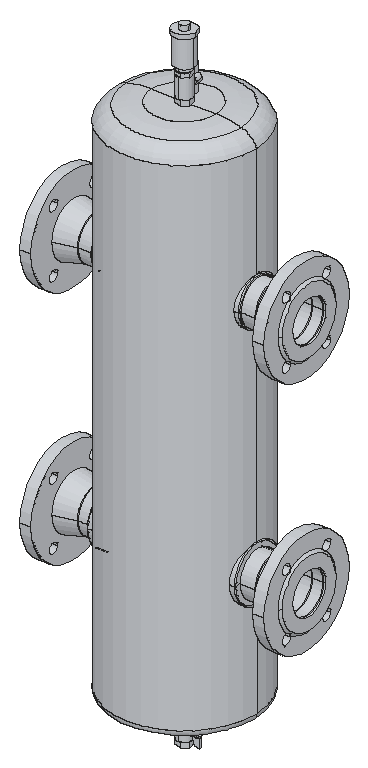
Revit family "Magnetic Dirt-Separator - R146IY108", category Plumbing Fixtures, Revit 2015
Reference planes
  plane 1 "Center (Front/Back)": y = 0
  plane 2: z = 0
  plane 3 "Center (Left/Right)": x = 0
  plane 4: y = 27.082
  plane 5: y = -27.082
  plane 6: y = 27.082
  plane 7: y = -27.082
  plane 8: y = 27.082
  plane 9: y = -27.082
  plane 10: y = 27.082
  plane 11: y = -27.082
  plane 12: y = 27.082
  plane 13: y = -27.082
  plane 14: y = 27.082
  plane 15: y = -27.082
  plane 16: z = 1164
  plane 17: z = 762
  plane 18: z = 322
  plane 19: x = 225
  plane 20: x = -225
  plane 21: x = -130
  plane 22: x = 130
Forms (mm)
  Revolve 1, solid
    sketch origin (0, 0, 3) x (1, 0, 0) y (0, 0, 1)
      loop
        line (-130, 1003.487) -> (-130, 90.761)
        arc (-130, 90.761) -> (-129.21, 86.246) -> (-126.935, 82.267) r 13.306
        arc (-126.935, 82.267) -> (-91.697, 65.042) -> (-53.023, 58.503) r 137.074
        line (-53.023, 58.503) -> (0, 58.503) -> (0, 1034.478) -> (-58.092, 1034.478)
        arc (-58.092, 1034.478) -> (-80.817, 1032.813) -> (-103.188, 1028.489) r 193.539
        arc (-103.188, 1028.489) -> (-119.791, 1019.415) -> (-130, 1003.487) r 38.188
      axis (0, 1034.478) -> (0, 58.503)
    angle from 0 to 360
  Extrusion 2, solid
    sketch origin (-37.5, 0, -1.263) x (0, 1, 0) y (0, 0, -1)
      loop
        circle (0, -323.263) r 40
    from -197.5 to 122.5
  Extrusion 3, solid
    sketch origin (0, 0, 37.792) x (0, -1, 0) y (1, 0, 0)
      loop
        line (-9.899, 9.899) -> (-13.523, -3.623) -> (-3.623, -13.523) -> (9.899, -9.899) -> (13.523, 3.623) -> (3.623, 13.523) -> (-9.899, 9.899)
    from 7.343 to 14.343
  Extrusion 4, solid
    sketch origin (0, 0, 53.87) x (0, -1, 0) y (1, 0, 0)
      loop
        circle (0, 0) r 12
    from -1.736 to 1.264
  Extrusion 5, solid
    sketch origin (0, 0, 49.331) x (0, -1, 0) y (1, 0, 0)
      loop
        circle (0, 0) r 13
    from 5.803 to 12.803
  Revolve 6, solid
    sketch origin (16.384, 0, 28.102) x (1, 0, 0) y (0, 1, 0)
      loop
        line (0.632, -8.291) -> (12.097, -8.291) -> (12.563, -7.291) -> (6.89, -7.291) -> (6.89, -2.2) -> (10.212, -2.2) -> (10.212, 0) -> (-27.115, 0) -> (-27.115, -7) -> (0.632, -7) -> (0.632, -8.291)
      axis (-27.115, 0) -> (12.563, 0)
    angle from 0 to 360
  Extrusion 7, solid
    sketch origin (0, -1, -5.625) x (-1, 0, 0) y (0, 0, 1)
      loop
        line (-17.015, 41.903) -> (-17.015, 47.933) -> (-19.099, 58.652) -> (-28.947, 58.652) -> (-28.947, 42.73) -> (-28.47, 41.903) -> (-17.015, 41.903)
      loop
        line (-19.099, 8.802) -> (-17.015, 19.522) -> (-17.015, 25.572) -> (-28.458, 25.572) -> (-28.947, 24.724) -> (-28.947, 8.802) -> (-19.099, 8.802)
    from 0 to 2
  SweptBlend 8, solid
    path origin (60, 0, -25) x (1, 0, 0) y (0, 0, 1)
      loop
        line (140, 347) -> (100, 347)
    profile origin (200, 0, 322) x (0, 0, -1) y (0, -1, 0)
      loop
        circle (0, 0) r 50
    end profile origin (160, 0, 322) x (0, 0, -1) y (0, -1, 0)
      loop
        circle (0, 0) r 40
  Extrusion 9, solid
    sketch origin (-122.5, 0, -1.263) x (0, 1, 0) y (0, 0, 1)
      loop
        circle (0, 323.263) r 95
    from -97.5 to -77.5
  SweptBlend 10, solid
    path origin (-60, 0, -25) x (-1, 0, 0) y (0, 0, -1)
      loop
        line (140, -347) -> (100, -347)
    profile origin (-200, 0, 322) x (0, 0, 1) y (0, -1, 0)
      loop
        circle (0, 0) r 50
    end profile origin (-160, 0, 322) x (0, 0, 1) y (0, -1, 0)
      loop
        circle (0, 0) r 40
  SweptBlend 11, solid
    path origin (-352.5, 0, -25) x (1, 0, 0) y (0, 0, 1)
      loop
        line (132.5, 347) -> (127.5, 347)
    profile origin (-220, 0, 322) x (0, 0, -1) y (0, -1, 0)
      loop
        circle (0, 0) r 65
    end profile origin (-225, 0, 322) x (0, 0, -1) y (0, -1, 0)
      loop
        circle (0, 0) r 60
  Extrusion 12, solid
    sketch origin (0, 0, -7.343) x (0, -1, 0) y (1, 0, 0)
      loop
        line (-9.899, 9.899) -> (-13.523, -3.623) -> (-3.623, -13.523) -> (9.899, -9.899) -> (13.523, 3.623) -> (3.623, 13.523) -> (-9.899, 9.899)
    from 7.343 to 17.343
  Extrusion 13, solid
    sketch origin (0, 0, 36.27) x (0, -1, 0) y (1, 0, 0)
      loop
        circle (0, 0) r 13
    from -26.27 to 8.865
  Extrusion 14, solid
    sketch origin (122.5, 0, -1.263) x (0, 1, 0) y (0, 0, -1)
      loop
        circle (0, -323.263) r 95
    from -97.5 to -77.5
  SweptBlend 15, solid
    path origin (352.5, 0, -25) x (-1, 0, 0) y (0, 0, -1)
      loop
        line (132.5, -347) -> (127.5, -347)
    profile origin (220, 0, 322) x (0, 0, 1) y (0, -1, 0)
      loop
        circle (0, 0) r 65
    end profile origin (225, 0, 322) x (0, 0, 1) y (0, -1, 0)
      loop
        circle (0, 0) r 60
  Extrusion 16, void
    sketch origin (60, 0, -25) x (0, 1, 0) y (0, 0, 1)
      loop
        circle (-45.307, 403.596) r 10
    from 134.322 to 170
  Extrusion 17, void
    sketch origin (60, 90.614, -25) x (0, 1, 0) y (0, 0, 1)
      loop
        circle (-45.307, 403.596) r 10
    from 134.322 to 170
  Extrusion 18, void
    sketch origin (60, 90.614, -138.193) x (0, 1, 0) y (0, 0, 1)
      loop
        circle (-45.307, 403.596) r 10
    from 134.322 to 170
  Extrusion 19, void
    sketch origin (60, 0, -138.193) x (0, 1, 0) y (0, 0, 1)
      loop
        circle (-45.307, 403.596) r 10
    from 134.322 to 170
  Extrusion 20, void
    sketch origin (-360, 90.614, -25) x (0, 1, 0) y (0, 0, 1)
      loop
        circle (-45.307, 403.596) r 10
    from 127.052 to 170
  Extrusion 21, void
    sketch origin (-360, 90.614, -138.193) x (0, 1, 0) y (0, 0, 1)
      loop
        circle (-45.307, 403.596) r 10
    from 129.816 to 170
  Extrusion 22, void
    sketch origin (-360, 0, -138.193) x (0, 1, 0) y (0, 0, 1)
      loop
        circle (-45.307, 403.596) r 10
    from 129.816 to 170
  Extrusion 23, void
    sketch origin (-360, 0, -25) x (0, 1, 0) y (0, 0, 1)
      loop
        circle (-45.307, 403.596) r 10
    from 129.816 to 170
  Revolve 24, solid
    sketch origin (0, 0, 322) x (1, 0, 0) y (0, 1, 0)
      loop
        line (-134.586, 40.471) -> (132.533, 40.471) -> (132.533, 48.822)
        arc (132.533, 48.822) -> (132.096, 49.878) -> (131.04, 50.315) r 1.492
        line (131.04, 50.315) -> (-133.094, 50.315)
        arc (-133.094, 50.315) -> (-134.149, 49.878) -> (-134.586, 48.822) r 1.492
        line (-134.586, 48.822) -> (-134.586, 40.471)
      axis (132.533, 0) -> (-134.586, 0)
    angle from 0 to 360
  Sweep 25, void
    path origin (0, 0, 60) x (1, 0, 0) y (0, 1, 0)
      loop
        line (-310, 0) -> (310, 0)
    profile origin (0, 0, 60) x (0, 1, 0) y (0, 0, 1)
      loop
        circle (0, 262) r 38
  Extrusion 26, solid
    sketch origin (-37.5, 0, 438.737) x (0, 1, 0) y (0, 0, -1)
      loop
        circle (0, -323.263) r 40
    from -197.5 to 122.5
  SweptBlend 27, solid
    path origin (60, 0, 415) x (1, 0, 0) y (0, 0, 1)
      loop
        line (140, 347) -> (100, 347)
    profile origin (200, 0, 762) x (0, 0, -1) y (0, -1, 0)
      loop
        circle (0, 0) r 50
    end profile origin (160, 0, 762) x (0, 0, -1) y (0, -1, 0)
      loop
        circle (0, 0) r 40
  Extrusion 28, solid
    sketch origin (-122.5, 0, 438.737) x (0, 1, 0) y (0, 0, 1)
      loop
        circle (0, 323.263) r 95
    from -97.5 to -77.5
  SweptBlend 29, solid
    path origin (-60, 0, 415) x (-1, 0, 0) y (0, 0, -1)
      loop
        line (140, -347) -> (100, -347)
    profile origin (-200, 0, 762) x (0, 0, 1) y (0, -1, 0)
      loop
        circle (0, 0) r 50
    end profile origin (-160, 0, 762) x (0, 0, 1) y (0, -1, 0)
      loop
        circle (0, 0) r 40
  SweptBlend 30, solid
    path origin (-352.5, 0, 415) x (1, 0, 0) y (0, 0, 1)
      loop
        line (132.5, 347) -> (127.5, 347)
    profile origin (-220, 0, 762) x (0, 0, -1) y (0, -1, 0)
      loop
        circle (0, 0) r 65
    end profile origin (-225, 0, 762) x (0, 0, -1) y (0, -1, 0)
      loop
        circle (0, 0) r 60
  Extrusion 31, solid
    sketch origin (122.5, 0, 438.737) x (0, 1, 0) y (0, 0, -1)
      loop
        circle (0, -323.263) r 95
    from -97.5 to -77.5
  SweptBlend 32, solid
    path origin (352.5, 0, 415) x (-1, 0, 0) y (0, 0, -1)
      loop
        line (132.5, -347) -> (127.5, -347)
    profile origin (220, 0, 762) x (0, 0, 1) y (0, -1, 0)
      loop
        circle (0, 0) r 65
    end profile origin (225, 0, 762) x (0, 0, 1) y (0, -1, 0)
      loop
        circle (0, 0) r 60
  Extrusion 33, void
    sketch origin (105, 0, 415) x (0, 1, 0) y (0, 0, 1)
      loop
        circle (-45.307, 403.596) r 10
      loop
        circle (45.307, 403.596) r 10
      loop
        circle (45.307, 290.404) r 10
      loop
        circle (-45.307, 290.404) r 10
    from 88.051 to 126.346
  Extrusion 34, void
    sketch origin (-407.5, 90.614, 455) x (0, 1, 0) y (0, 0, 1)
      loop
        circle (-45.307, 363.596) r 10
      loop
        circle (-135.921, 363.596) r 10
      loop
        circle (-135.921, 250.404) r 10
      loop
        circle (-45.307, 250.404) r 10
    from 127.052 to 239.7
  Revolve 35, solid
    sketch origin (0, 0, 762) x (1, 0, 0) y (0, 1, 0)
      loop
        line (-134.5, 32.969) -> (133.765, 32.969) -> (133.765, 41.32)
        arc (133.765, 41.32) -> (133.327, 42.375) -> (132.272, 42.812) r 1.492
        line (132.272, 42.812) -> (-133.008, 42.812)
        arc (-133.008, 42.812) -> (-134.063, 42.375) -> (-134.5, 41.32) r 1.492
        line (-134.5, 41.32) -> (-134.5, 32.969)
      axis (133.765, 0) -> (-134.5, 0)
    angle from 0 to 360
  Sweep 36, void
    path origin (-45, 0, 220) x (1, 0, 0) y (0, 1, 0)
      loop
        line (-285, 0) -> (300, 0)
    profile origin (-37.5, 0, 220) x (0, 1, 0) y (0, 0, 1)
      loop
        circle (0, 542) r 38
  Extrusion 37, solid
    sketch origin (0, 0, 1036.524) x (1, 0, 0) y (0, 1, 0)
      loop
        line (9.899, 9.899) -> (-3.623, 13.523) -> (-13.523, 3.623) -> (-9.899, -9.899) -> (3.623, -13.523) -> (13.523, -3.623) -> (9.899, 9.899)
    from -0.077 to 10.593
  Extrusion 38, solid
    sketch origin (0, 0, 1074.909) x (0, -1, 0) y (1, 0, 0)
      loop
        line (-9.899, 9.899) -> (-13.523, -3.623) -> (-3.623, -13.523) -> (9.899, -9.899) -> (13.523, 3.623) -> (3.623, 13.523) -> (-9.899, 9.899)
    from 7.343 to 14.343
  Extrusion 39, solid
    sketch origin (0, 0, 1090.987) x (0, -1, 0) y (1, 0, 0)
      loop
        circle (0, 0) r 12
    from -1.736 to 1.264
  Extrusion 40, solid
    sketch origin (0, 0, 1086.448) x (0, -1, 0) y (1, 0, 0)
      loop
        circle (0, 0) r 13
    from 5.803 to 12.803
  Revolve 41, solid
    sketch origin (0, 16.384, 1065.219) x (0, 1, 0) y (-1, 0, 0)
      loop
        line (0.632, -8.291) -> (12.097, -8.291) -> (12.563, -7.291) -> (6.89, -7.291) -> (6.89, -2.2) -> (10.212, -2.2) -> (10.212, 0) -> (-27.115, 0) -> (-27.115, -7) -> (0.632, -7) -> (0.632, -8.291)
      axis (-27.115, 0) -> (12.563, 0)
    angle from 0 to 360
  Extrusion 42, solid
    sketch origin (1, 0, 1031.492) x (0, -1, 0) y (0, 0, 1)
      loop
        line (-17.015, 41.903) -> (-17.015, 47.933) -> (-19.099, 58.652) -> (-28.947, 58.652) -> (-28.947, 42.73) -> (-28.47, 41.903) -> (-17.015, 41.903)
      loop
        line (-19.099, 8.802) -> (-17.015, 19.522) -> (-17.015, 25.572) -> (-28.458, 25.572) -> (-28.947, 24.724) -> (-28.947, 8.802) -> (-19.099, 8.802)
    from 0 to 2
  Extrusion 43, solid
    sketch origin (0, 0, 1073.387) x (0, -1, 0) y (1, 0, 0)
      loop
        circle (0, 0) r 13
    from -26.27 to 8.865
  Extrusion 44, solid
    sketch origin (0, 0, 1156) x (1, 0, 0) y (0, 1, 0)
      loop
        circle (0, 0) r 8
    from 0 to 8
  Extrusion 45, solid
    sketch origin (0, 0, 1149) x (1, 0, 0) y (0, 1, 0)
      loop
        circle (0, 0) r 20
    from 0 to 7
  Extrusion 46, solid
    sketch origin (0, 0, 1130.505) x (1, 0, 0) y (0, 1, 0)
      loop
        circle (0, 0) r 18
    from -31.254 to 18.495
Cuts and joins
  Extrusion 16, Sweep 25, Sweep 36 cuts Revolve 1
  Extrusion 16, Extrusion 17, Extrusion 18, Extrusion 19, Sweep 25, Extrusion 33 cuts Extrusion 14
  Extrusion 16, Extrusion 17, Extrusion 18, Extrusion 19, Sweep 25, Extrusion 33 cuts SweptBlend 15
  Extrusion 20, Extrusion 21, Extrusion 22, Extrusion 23, Sweep 25, Extrusion 34 cuts Extrusion 9
  Extrusion 20, Extrusion 21, Extrusion 22, Extrusion 23, Sweep 25, Extrusion 34 cuts SweptBlend 11
  Sweep 25 cuts Extrusion 2
  Sweep 25 cuts SweptBlend 8
  Sweep 25 cuts SweptBlend 10
  Extrusion 33, Sweep 36 cuts Extrusion 31
  Extrusion 33, Sweep 36 cuts SweptBlend 32
  Extrusion 34, Sweep 36 cuts Extrusion 28
  Extrusion 34, Sweep 36 cuts SweptBlend 30
  Sweep 36 cuts Extrusion 26
  Sweep 36 cuts SweptBlend 27
  Sweep 36 cuts SweptBlend 29
Dimensions and locks
  level to plane 16 = 1164 mm
  level to plane 18 = 322 mm
  plane 18 to plane 17 = 440 mm
  plane 17 to plane 16 = 402 mm
  plane 22 to plane 3 "Center (Left/Right)" = 130 mm
  plane 3 "Center (Left/Right)" to plane 21 = 130 mm
  plane 19 to plane 3 "Center (Left/Right)" = 225 mm
  plane 3 "Center (Left/Right)" to plane 20 = 225 mm
  aligned and locked: level to plane 2
